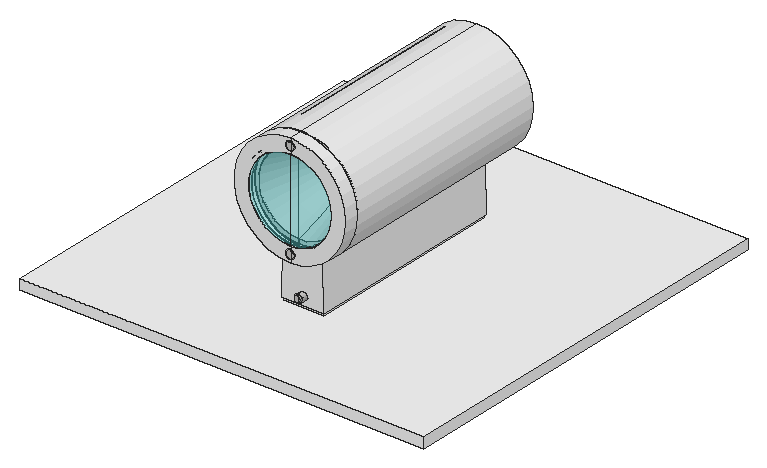
Revit family "BE_24034_de_DE", category Leuchten, Revit 2020
Family settings
  Basisbauteil = Fläche
  Bemaßung runder Anschluss = Durchmesser verwenden
  Teiletyp = Normal
  Beim Laden mit Abzugskörper schneiden = Ja
  Lichtquelle = Ja
  Gemeinsam genutzt = Nein
  Raumberechnungspunkt = Ja
Parameters (values of type "BEGA_24034_Weiß_K4")
  built-in parameter 1150104 = 14.279 (stored number, unit not read)
  Wattage = 12.1 W
  Default Elevation = 0 mm
  built-in parameter 1150113 = 1 (stored number, unit not read)
  built-in parameter 1114218 = 1 (stored number, unit not read)
  Umgebungstemperatur = "25 °C"
  URL = "https://www.bega.com/de/produkt/24034"
  Typenkommentare = "© 2022 BEGA. Wir behalten uns das Recht vor, technische Änderungen ohne vorherige Ankündigung vorzunehmen."  # constant formula
  Type Image = 24034.png
  built-in parameter 1150134 = 12
  built-in parameter 1150109 = 1 (stored number, unit not read)
  Strom = ""
  built-in parameter 1150110 = 1 (stored number, unit not read)
  Spannung = 239.996 V
  Sonderanfertigung = no
  Seriennummer [instance] = "Hier können Sie die eindeutige Seriennummer für das Facility Management eintragen."
  Schutzklasse = "I"
  Schutzart = "IP 65"
  Scheinlast = 0 VA
  Produktdatenblatt = "https://cdn.bega.com/bega/products/24034AK3/current/documents/data-sheets/de"
  Oberflächentemperatur = ""
  Neigungswinkel = 0.00°
  Modell = "24034WK4"
  Material_17 = BEGA_Reflektor
  Material_15 = BEGA_Leuchtmedium_matt
  Material_11 = BEGA_Glas_opal
  Material_09 = BEGA_Glas_klar
  Material_06 = BEGA_Oberfläche_Edelstahl_gebürstet
  Material_03 = BEGA_Oberfläche_Weiss_matt
  Material_02 = BEGA_Oberfläche_Silber_matt
  Material_01 [instance] = BEGA_Oberfläche_Grafit_matt
  M_W = yes
  M_G = no
  M_A = no
  Logo = 0
  built-in parameter 1114217 = 1 (stored number, unit not read)
  built-in parameter 1150139 = (empty or 0)
  built-in parameter 1150105 = 148 (stored number, unit not read)
  built-in parameter 1150114 = 1 (stored number, unit not read)
  Lumens = 1859.77 lm
  built-in parameter 1150115 = 1 (stored number, unit not read)
  Leuchtenlichtstrom = "1182 lm"
  Leuchtenanzahl = ""
  Lebensdauerkriterien = "L70B50 @ 25 °C = 180000 h"
  Lastklassifizierung = Beleuchtung
  built-in parameter 1150112 = 1 (stored number, unit not read)
  Lampenlichtstrom = "1860 lm"
  Lampe = "LED 12.1 W"
  LED_Modulbezeichnung = "LED-0813/840"
  Hersteller = "BEGA"  # constant formula
  Halbstreuwinkel = ""
  Gewicht = "1.95 kg"
  Gebrauchslageneinschränkung [instance] = ""
  Frequenz = "0/50-60 Hz"
  Farbwiedergabeindex = "CRI > 80"
  Farbtemperaturverschiebung bei Dämpfen der Lampe = <Keine Auswahl>
  Farbtemperatur = "4000 K"
  Color Filter = 16777215
  built-in parameter 1150133 = 10 (stored number, unit not read)
  Energieeffizienzklasse = "LED A++ - A"
  built-in parameter 1150137 = (empty or 0)
  built-in parameter 1150132 = (empty or 0)
  ENEC = "ja"
  Dimmbar [instance] = "DALI"
  Datei für fotometrisches Netz = "BE_24034K4.IES"
  CE_Konformität = "ja"
  Bestellnummer = "24034WK4"
  Beschreibung_Sonderanfertigung = "Hier können Sie Informationen zur Sonderanfertigung eintragen."
  Beschreibung = "Wandleuchte"
  built-in parameter 1150106 = 1.48 (stored number, unit not read)
  Befestigungsbohrung = "Ø 4,3 mm"
  Befestigungsabstand = "160 x 14 mm"
  Ballwurfsicher = ""
  BEGA_Intern_aus = yes
  BEGA_Intern_an = yes
  BEGA_Intern_Konstruktion = yes
  BEGA_Intern = yes
  BEGA_IES = yes
  BEGA_Dummy = no
  Anschlussleitung = ""
  Anschlussleistung [instance] = "14 W"
  Anschlusskasten = ""
  built-in parameter 1150107 = 4000 (stored number, unit not read)
  built-in parameter 1150102 = (empty or 0)
  built-in parameter 1150138 = (empty or 0)
  Aktualisierung = "2022-05-18T04:00:07"
  Abstand_zur_angestrahlten_Fläche [instance] = ""
  AC/DC = "AC/DC"
Types (6, lengths in mm): name | built-in parameter 1150104 | built-in parameter 1150134 | Modell | M_W | M_G | M_A | built-in parameter 1150105 | Lumens | Leuchtenlichtstrom | Lampenlichtstrom | LED_Modulbezeichnung | Farbtemperatur | Datei für fotometrisches Netz | Bestellnummer | built-in parameter 1150106 | built-in parameter 1150107
  BEGA_24034_Grafit_K3 | 13.359 (stored number, unit not read) | (empty or 0) | "24034K3" | no | yes | no | 138.46 (stored number, unit not read) | 1739.98 lm | "1106 lm" | "1740 lm" | "LED-0813/830" | "3000 K" | "BE_24034K3.IES" | "24034K3" | 1.3846 (stored number, unit not read) | 3000 (stored number, unit not read)
  BEGA_24034_Weiß_K3 | 13.359 (stored number, unit not read) | (empty or 0) | "24034WK3" | yes | no | no | 138.46 (stored number, unit not read) | 1739.98 lm | "1106 lm" | "1740 lm" | "LED-0813/830" | "3000 K" | "BE_24034K3.IES" | "24034WK3" | 1.3846 (stored number, unit not read) | 3000 (stored number, unit not read)
  BEGA_24034_Grafit_K4 | 14.279 (stored number, unit not read) | 12 | "24034K4" | no | yes | no | 148 (stored number, unit not read) | 1859.77 lm | "1182 lm" | "1860 lm" | "LED-0813/840" | "4000 K" | "BE_24034K4.IES" | "24034K4" | 1.48 (stored number, unit not read) | 4000 (stored number, unit not read)
  BEGA_24034_Silber_K4 | 14.279 (stored number, unit not read) | 12 | "24034AK4" | no | no | yes | 148 (stored number, unit not read) | 1859.77 lm | "1182 lm" | "1860 lm" | "LED-0813/840" | "4000 K" | "BE_24034K4.IES" | "24034AK4" | 1.48 (stored number, unit not read) | 4000 (stored number, unit not read)
  BEGA_24034_Weiß_K4 | 14.279 (stored number, unit not read) | 12 | "24034WK4" | yes | no | no | 148 (stored number, unit not read) | 1859.77 lm | "1182 lm" | "1860 lm" | "LED-0813/840" | "4000 K" | "BE_24034K4.IES" | "24034WK4" | 1.48 (stored number, unit not read) | 4000 (stored number, unit not read)
  BEGA_24034_Silber_K3 | 13.359 (stored number, unit not read) | (empty or 0) | "24034AK3" | no | no | yes | 138.46 (stored number, unit not read) | 1739.98 lm | "1106 lm" | "1740 lm" | "LED-0813/830" | "3000 K" | "BE_24034K3.IES" | "24034AK3" | 1.3846 (stored number, unit not read) | 3000 (stored number, unit not read)
Reference planes
  plane 1 "Mitte (Vorne/Hinten)": y = 0
  plane 2: z = 0
  plane 3 "Mitte (Links/Rechts)": x = 0
  plane 4 "Links": x = -55.254
  plane 5 "Rechts": x = 55.254
  plane 6 "Unten": y = -115.5
  plane 7 "Oben": y = 115.5
  plane 8 "Vorne": z = 157.75
  plane 9 "Hinten": z = 0
Forms (mm)
  Extrusion 1, solid, material "BEGA_Platte_Weiss"
    sketch origin (0, -1119.2, 0) x (1, 0, 0) y (0, 1, 0)
      loop
        line (-200, 1319.2) -> (-200, 919.2) -> (200, 919.2) -> (200, 1319.2) -> (-200, 1319.2)
    from 0 to -10
  Extrusion 2, solid, material "BEGA_Dummy_matt", visible <- "BEGA_Dummy"
    sketch origin (80.095, -76.023, 0) x (1, 0, 0) y (0, 1, 0)
      loop
        line (-135.35, 191.523) -> (-135.35, -39.477) -> (-24.841, -39.477) -> (-24.841, 191.523) -> (-135.35, 191.523)
    from 0 to 157.75
Dimensions and locks
  plane 1 "Mitte (Vorne/Hinten)" to Extrusion 1 = 200 mm
  aligned and locked: plane 2 to Extrusion 1
  aligned and locked: level to Extrusion 1
Nested families
  nested 1: "BE_24034" at (0, 0, 0) x (0, 1, 0) z (0, 0, 1), type "BE_24034"
Connectors
  electrical at (0, 0, 0), driven by "Lastklassifizierung", driven by "Spannung", driven by "Scheinlast"
    settings: index 1, voltage 239.996 V, apparent load 0 VA, apparent load phase1 0 VA, apparent load phase2 0 VA, apparent load phase3 0 VA, power factor 1, load classification "Beleuchtung", number of poles 1, system type 31, power factor state 1, is connector primary yes, connector utility no, sub classification motor no, connector description ""
Definition of nested family "BE_24034"
  Parameters (values of type "BE_24034")
    Default Elevation = 1 mm
    URL = "http://www.bega.de/de/produkt"
    Type Comments = "© 2015 BEGA. Wir behalten uns das Recht vor, technische Änderungen ohne vorherige Ankündigung vorzunehmen. "  # constant formula
    Type Image = (empty or 0)
    Material_17 = none
    Material_15 = none
    Material_11 = none
    Material_09 = none
    Material_06 = none
    Material_03 = none
    Material_02 = none
    Material_01 = none
    M_W = yes
    M_G = yes
    M_A = yes
    Länge_Platte = 300 mm  # constant formula
    Höhe_Platte = -10 mm  # constant formula
    Manufacturer = "BEGA"  # constant formula
    Breite_Platte = 200 mm  # constant formula
  Reference planes
    plane 1 "Mitte (Oben/Unten)": y = 0
    plane 2: z = 0
    plane 3 "Mitte (Links/Rechts)": x = 0
    plane 4 "Unten": y = -55.254
    plane 5: x = -115.5
    plane 6: x = 115.5
    plane 7: z = 157.75
    plane 8: y = 55.254
  Forms (mm)
    Extrusion 1, solid, detail levels medium
      sketch origin (0, 0, 0) x (1, 0, 0) y (0, 1, 0)
        loop
          line (-150, 100) -> (-150, -100) -> (150, -100) -> (150, 100) -> (-150, 100)
      from 0 to -10 <- "Höhe_Platte"
    Extrusion 2, solid, material <- "Material_01", visible <- "M_G", detail levels medium+fine
      sketch origin (0, 0, 0) x (0, 1, 0) y (0, 0, 1)
        loop
          line (-20, 48.5) -> (-20.803, 2.5) -> (-13.08, 2.5) -> (-13.221, 47.282)
          arc (-13.221, 47.282) -> (-15.2, 48.652) -> (-17.039, 50.206) r 25
          arc (-17.039, 50.206) -> (-17.509, 50.362) -> (-17.979, 50.521) r 55
          line (-17.979, 50.521) -> (-20, 48.5)
        loop
          line (20, 48.5) -> (17.979, 50.521)
          arc (17.979, 50.521) -> (17.509, 50.362) -> (17.039, 50.206) r 55
          arc (17.039, 50.206) -> (15.2, 48.652) -> (13.221, 47.282) r 25
          line (13.221, 47.282) -> (13.08, 2.5) -> (20.803, 2.5) -> (20, 48.5)
      from -100.001 to 100.024
    Extrusion 3, solid, material <- "Material_01", visible <- "M_G", detail levels medium+fine
      sketch origin (0, 0, 0) x (0, 1, 0) y (0, 0, 1)
        loop
          line (20.803, 2.5) -> (20, 48.5) -> (17.979, 50.521)
          arc (17.979, 50.521) -> (17.509, 50.362) -> (17.039, 50.206) r 55
          arc (17.039, 50.206) -> (9.34, 45.31) -> (0.397, 43.503) r 25
          arc (0.397, 43.503) -> (-8.971, 45.165) -> (-17.039, 50.206) r 25
          arc (-17.039, 50.206) -> (-17.509, 50.362) -> (-17.979, 50.521) r 55
          line (-17.979, 50.521) -> (-20, 48.5) -> (-20.803, 2.5) -> (20.803, 2.5)
      from 93.25 to 100.024
    Extrusion 4, solid, material <- "Material_01", visible <- "M_G", detail levels medium+fine
      sketch origin (0, 0, 0) x (0, 1, 0) y (0, 0, -1)
        loop
          line (20.803, -2.5) -> (-20.803, -2.5) -> (-20, -48.5) -> (-17.979, -50.521)
          arc (-17.979, -50.521) -> (-17.509, -50.362) -> (-17.039, -50.206) r 55
          arc (-17.039, -50.206) -> (-8.971, -45.165) -> (0.397, -43.503) r 25
          arc (0.397, -43.503) -> (9.34, -45.31) -> (17.039, -50.206) r 25
          arc (17.039, -50.206) -> (17.509, -50.362) -> (17.979, -50.521) r 55
          line (17.979, -50.521) -> (20, -48.5) -> (20.803, -2.5)
      from 93.25 to 100.001
    Sweep 5, solid, material <- "Material_01", visible <- "M_G", detail levels medium+fine
      path origin (0, 0, 0) x (1, 0, 0) y (0, 1, 0)
        loop
          line (100.024, -20.803) -> (100.024, 20.803) -> (-100.001, 20.803) -> (-100.001, -20.803) -> (100.024, -20.803)
      profile origin (100.024, 0, 0) x (-1, 0, 0) y (0, 0, 1)
        loop
          line (1.112, 2.5) -> (1.024, 0) -> (7.769, 0)
          arc (7.769, 0) -> (8.117, 5.75) -> (8.45, 11.5) r 2295.912
          line (8.45, 11.5) -> (12.295, 11.5) -> (12.295, 13.5) -> (6.407, 13.5) -> (6.022, 2.5) -> (1.112, 2.5)
    Extrusion 6, solid, material <- "Material_01", visible <- "M_G", detail levels medium+fine
      sketch origin (0, 0, 0) x (1, 0, 0) y (0, 1, 0)
        loop
          line (-87.706, 8.508) -> (-87.706, -8.508) -> (87.729, -8.508) -> (87.729, 8.508) -> (-87.706, 8.508)
      from 11.5 to 13.5
    Revolve 7, solid, material <- "Material_01", visible <- "M_G", detail levels medium+fine
      sketch origin (0, 0, 0) x (1, 0, 0) y (0, 0, 1)
        loop
          line (115.5, 157.5) -> (-101, 157.5) -> (-101, 155.25) -> (-104.543, 155.25) -> (-104.543, 142.724) -> (-101, 142.724) -> (-101, 145.035) -> (-92, 145.035) -> (-82.035, 155) -> (113.5, 155) -> (113.5, 102.5) -> (115.5, 102.5) -> (115.5, 157.5)
        axis (-104.543, 102.5) -> (115.5, 102.5)
      angle from 0 to 360
    Revolve 8, solid, material <- "Material_01", visible <- "M_G", detail levels medium+fine
      sketch origin (0, 0, 0) x (1, 0, 0) y (0, 0, 1)
        loop
          line (-102.5, 157.75) -> (-115.5, 157.75) -> (-115.5, 143.5) -> (-112.937, 143.5) -> (-112.937, 147.501) -> (-104.543, 147.501) -> (-104.543, 155.75) -> (-102.5, 155.75) -> (-102.5, 157.75)
        axis (-102.5, 102.5) -> (-115.5, 102.5)
      angle from 0 to 360
    Revolve 9, solid, material <- "Material_09", detail levels medium+fine
      sketch origin (0, 0, 0) x (1, 0, 0) y (0, 0, 1)
        loop
          line (-105.5, 145.75) -> (-111.25, 145.75) -> (-111.25, 144.2)
          arc (-111.25, 144.2) -> (-111.543, 143.493) -> (-112.25, 143.2) r 1
          line (-112.25, 143.2) -> (-115.5, 143.2) -> (-115.5, 102.5) -> (-105.5, 102.5) -> (-105.5, 145.75)
        axis (-115.5, 102.5) -> (-105.5, 102.5)
      angle from 0 to 360
    Revolve 10, solid, material <- "Material_17", detail levels medium+fine
      sketch origin (0, 0, 0) x (1, 0, 0) y (0, 0, 1)
        loop
          arc (-105.25, 141.49) -> (-79.924, 133.541) -> (-55.596, 122.92) r 246.943
          arc (-55.596, 122.92) -> (-50.393, 119.996) -> (-45.484, 116.601) r 64.148
          line (-45.484, 116.601) -> (-44.906, 110) -> (-44.022, 110) -> (-44.623, 116.869)
          arc (-44.623, 116.869) -> (-49.595, 120.322) -> (-54.871, 123.292) r 64.148
          arc (-54.871, 123.292) -> (-79.017, 133.845) -> (-104.149, 141.765) r 246.943
          line (-104.149, 141.765) -> (-104.149, 145.25) -> (-105.25, 145.25) -> (-105.25, 141.49)
        axis (-44.022, 102.5) -> (-105.25, 102.5)
      angle from 0 to 360
    Revolve 11, solid, material <- "Material_15", detail levels medium+fine
      sketch origin (0, 0, 0) x (1, 0, 0) y (0, 0, 1)
        loop
          line (-41.65, 109.6) -> (-41.65, 102.5) -> (-40.358, 102.5) -> (-40.358, 109.6) -> (-41.65, 109.6)
        axis (-41.65, 102.5) -> (-40.358, 102.5)
      angle from 0 to 360
    Revolve 12, solid, material <- "Material_06", detail levels fine
      sketch origin (0, 0, 0) x (1, 0, 0) y (0, 0, 1)
        loop
          line (-98.664, 14.95) -> (-105.231, 14.95) -> (-105.231, 14) -> (-106.731, 14) -> (-106.731, 11) -> (-98.664, 11) -> (-98.664, 14.95)
        axis (-106.731, 11) -> (-98.664, 11)
      angle from 0 to 360
    Sweep 13, solid, material <- "Material_02", visible <- "M_A", detail levels medium+fine
      path origin (0, 0, 0) x (1, 0, 0) y (0, 1, 0)
        loop
          line (100.024, -20.803) -> (100.024, 20.803) -> (-100.001, 20.803) -> (-100.001, -20.803) -> (100.024, -20.803)
      profile origin (100.024, 0, 0) x (-1, 0, 0) y (0, 0, 1)
        loop
          line (1.112, 2.5) -> (1.024, 0) -> (7.769, 0)
          arc (7.769, 0) -> (8.117, 5.75) -> (8.45, 11.5) r 2295.912
          line (8.45, 11.5) -> (12.295, 11.5) -> (12.295, 13.5) -> (6.407, 13.5) -> (6.022, 2.5) -> (1.112, 2.5)
    Extrusion 14, solid, material <- "Material_02", visible <- "M_A", detail levels medium+fine
      sketch origin (0, 0, 0) x (1, 0, 0) y (0, 1, 0)
        loop
          line (-87.706, 8.508) -> (-87.706, -8.508) -> (87.729, -8.508) -> (87.729, 8.508) -> (-87.706, 8.508)
      from 11.5 to 13.5
    Sweep 15, solid, material <- "Material_03", visible <- "M_W", detail levels medium+fine
      path origin (0, 0, 0) x (1, 0, 0) y (0, 1, 0)
        loop
          line (100.024, -20.803) -> (100.024, 20.803) -> (-100.001, 20.803) -> (-100.001, -20.803) -> (100.024, -20.803)
      profile origin (100.024, 0, 0) x (-1, 0, 0) y (0, 0, 1)
        loop
          line (1.112, 2.5) -> (1.024, 0) -> (7.769, 0)
          arc (7.769, 0) -> (8.117, 5.75) -> (8.45, 11.5) r 2295.912
          line (8.45, 11.5) -> (12.295, 11.5) -> (12.295, 13.5) -> (6.407, 13.5) -> (6.022, 2.5) -> (1.112, 2.5)
    Extrusion 16, solid, material <- "Material_03", visible <- "M_W", detail levels medium+fine
      sketch origin (0, 0, 0) x (1, 0, 0) y (0, 1, 0)
        loop
          line (-87.706, 8.508) -> (-87.706, -8.508) -> (87.729, -8.508) -> (87.729, 8.508) -> (-87.706, 8.508)
      from 11.5 to 13.5
    Extrusion 17, solid, material <- "Material_02", visible <- "M_A", detail levels medium+fine
      sketch origin (0, 0, 0) x (0, 1, 0) y (0, 0, 1)
        loop
          line (-20, 48.5) -> (-20.803, 2.5) -> (-13.08, 2.5) -> (-13.221, 47.282)
          arc (-13.221, 47.282) -> (-15.2, 48.652) -> (-17.039, 50.206) r 25
          arc (-17.039, 50.206) -> (-17.509, 50.362) -> (-17.979, 50.521) r 55
          line (-17.979, 50.521) -> (-20, 48.5)
        loop
          line (20, 48.5) -> (17.979, 50.521)
          arc (17.979, 50.521) -> (17.509, 50.362) -> (17.039, 50.206) r 55
          arc (17.039, 50.206) -> (15.2, 48.652) -> (13.221, 47.282) r 25
          line (13.221, 47.282) -> (13.08, 2.5) -> (20.803, 2.5) -> (20, 48.5)
      from -100.001 to 100.024
    Extrusion 18, solid, material <- "Material_02", visible <- "M_A", detail levels medium+fine
      sketch origin (0, 0, 0) x (0, 1, 0) y (0, 0, 1)
        loop
          line (20.803, 2.5) -> (20, 48.5) -> (17.979, 50.521)
          arc (17.979, 50.521) -> (17.509, 50.362) -> (17.039, 50.206) r 55
          arc (17.039, 50.206) -> (9.34, 45.31) -> (0.397, 43.503) r 25
          arc (0.397, 43.503) -> (-8.971, 45.165) -> (-17.039, 50.206) r 25
          arc (-17.039, 50.206) -> (-17.509, 50.362) -> (-17.979, 50.521) r 55
          line (-17.979, 50.521) -> (-20, 48.5) -> (-20.803, 2.5) -> (20.803, 2.5)
      from 93.25 to 100.024
    Extrusion 19, solid, material <- "Material_02", visible <- "M_A", detail levels medium+fine
      sketch origin (0, 0, 0) x (0, 1, 0) y (0, 0, -1)
        loop
          line (20.803, -2.5) -> (-20.803, -2.5) -> (-20, -48.5) -> (-17.979, -50.521)
          arc (-17.979, -50.521) -> (-17.509, -50.362) -> (-17.039, -50.206) r 55
          arc (-17.039, -50.206) -> (-8.971, -45.165) -> (0.397, -43.503) r 25
          arc (0.397, -43.503) -> (9.34, -45.31) -> (17.039, -50.206) r 25
          arc (17.039, -50.206) -> (17.509, -50.362) -> (17.979, -50.521) r 55
          line (17.979, -50.521) -> (20, -48.5) -> (20.803, -2.5)
      from 93.25 to 100.001
    Extrusion 20, solid, material <- "Material_03", visible <- "M_W", detail levels medium+fine
      sketch origin (0, 0, 0) x (0, 1, 0) y (0, 0, 1)
        loop
          line (-20, 48.5) -> (-20.803, 2.5) -> (-13.08, 2.5) -> (-13.221, 47.282)
          arc (-13.221, 47.282) -> (-15.2, 48.652) -> (-17.039, 50.206) r 25
          arc (-17.039, 50.206) -> (-17.509, 50.362) -> (-17.979, 50.521) r 55
          line (-17.979, 50.521) -> (-20, 48.5)
        loop
          line (20, 48.5) -> (17.979, 50.521)
          arc (17.979, 50.521) -> (17.509, 50.362) -> (17.039, 50.206) r 55
          arc (17.039, 50.206) -> (15.2, 48.652) -> (13.221, 47.282) r 25
          line (13.221, 47.282) -> (13.08, 2.5) -> (20.803, 2.5) -> (20, 48.5)
      from -100.001 to 100.024
    Extrusion 21, solid, material <- "Material_03", visible <- "M_W", detail levels medium+fine
      sketch origin (0, 0, 0) x (0, 1, 0) y (0, 0, 1)
        loop
          line (20.803, 2.5) -> (20, 48.5) -> (17.979, 50.521)
          arc (17.979, 50.521) -> (17.509, 50.362) -> (17.039, 50.206) r 55
          arc (17.039, 50.206) -> (9.34, 45.31) -> (0.397, 43.503) r 25
          arc (0.397, 43.503) -> (-8.971, 45.165) -> (-17.039, 50.206) r 25
          arc (-17.039, 50.206) -> (-17.509, 50.362) -> (-17.979, 50.521) r 55
          line (-17.979, 50.521) -> (-20, 48.5) -> (-20.803, 2.5) -> (20.803, 2.5)
      from 93.25 to 100.024
    Extrusion 22, solid, material <- "Material_03", visible <- "M_W", detail levels medium+fine
      sketch origin (0, 0, 0) x (0, 1, 0) y (0, 0, -1)
        loop
          line (20.803, -2.5) -> (-20.803, -2.5) -> (-20, -48.5) -> (-17.979, -50.521)
          arc (-17.979, -50.521) -> (-17.509, -50.362) -> (-17.039, -50.206) r 55
          arc (-17.039, -50.206) -> (-8.971, -45.165) -> (0.397, -43.503) r 25
          arc (0.397, -43.503) -> (9.34, -45.31) -> (17.039, -50.206) r 25
          arc (17.039, -50.206) -> (17.509, -50.362) -> (17.979, -50.521) r 55
          line (17.979, -50.521) -> (20, -48.5) -> (20.803, -2.5)
      from 93.25 to 100.001
    Revolve 23, solid, material <- "Material_02", visible <- "M_A", detail levels medium+fine
      sketch origin (0, 0, 0) x (1, 0, 0) y (0, 0, 1)
        loop
          line (115.5, 157.5) -> (-101, 157.5) -> (-101, 155.25) -> (-104.543, 155.25) -> (-104.543, 142.724) -> (-101, 142.724) -> (-101, 145.035) -> (-92, 145.035) -> (-82.035, 155) -> (113.5, 155) -> (113.5, 102.5) -> (115.5, 102.5) -> (115.5, 157.5)
        axis (-104.543, 102.5) -> (115.5, 102.5)
      angle from 0 to 360
    Revolve 24, solid, material <- "Material_02", visible <- "M_A", detail levels medium+fine
      sketch origin (0, 0, 0) x (1, 0, 0) y (0, 0, 1)
        loop
          line (-102.5, 157.75) -> (-115.5, 157.75) -> (-115.5, 143.5) -> (-112.937, 143.5) -> (-112.937, 147.501) -> (-104.543, 147.501) -> (-104.543, 155.75) -> (-102.5, 155.75) -> (-102.5, 157.75)
        axis (-102.5, 102.5) -> (-115.5, 102.5)
      angle from 0 to 360
    Revolve 25, solid, material <- "Material_03", visible <- "M_W", detail levels medium+fine
      sketch origin (0, 0, 0) x (1, 0, 0) y (0, 0, 1)
        loop
          line (115.5, 157.5) -> (-101, 157.5) -> (-101, 155.25) -> (-104.543, 155.25) -> (-104.543, 142.724) -> (-101, 142.724) -> (-101, 145.035) -> (-92, 145.035) -> (-82.035, 155) -> (113.5, 155) -> (113.5, 102.5) -> (115.5, 102.5) -> (115.5, 157.5)
        axis (-104.543, 102.5) -> (115.5, 102.5)
      angle from 0 to 360
    Revolve 26, solid, material <- "Material_03", visible <- "M_W", detail levels medium+fine
      sketch origin (0, 0, 0) x (1, 0, 0) y (0, 0, 1)
        loop
          line (-102.5, 157.75) -> (-115.5, 157.75) -> (-115.5, 143.5) -> (-112.937, 143.5) -> (-112.937, 147.501) -> (-104.543, 147.501) -> (-104.543, 155.75) -> (-102.5, 155.75) -> (-102.5, 157.75)
        axis (-102.5, 102.5) -> (-115.5, 102.5)
      angle from 0 to 360
    Revolve 27, void
      sketch origin (0, 0, 0) x (1, 0, 0) y (0, 0, 1)
        loop
          line (-113.129, 152.704) -> (-115.728, 155.303) -> (-115.728, 150.5) -> (-113.129, 150.5) -> (-113.129, 152.704)
        axis (-115.728, 150.5) -> (-113.129, 150.5)
      angle from 0 to 360
    Revolve 28, void
      sketch origin (0, 0, 205) x (1, 0, 0) y (0, 0, -1)
        loop
          line (-113.129, 152.704) -> (-115.728, 155.303) -> (-115.728, 150.5) -> (-113.129, 150.5) -> (-113.129, 152.704)
        axis (-115.728, 150.5) -> (-113.129, 150.5)
      angle from 0 to 360
    Revolve 29, solid, material <- "Material_06", detail levels fine
      sketch origin (0, 0, 0) x (1, 0, 0) y (0, 0, 1)
        loop
          line (-115.5, 154.505) -> (-115.5, 150.5) -> (-114.643, 150.5) -> (-114.643, 154.505) -> (-115.5, 154.505)
        axis (-115.5, 150.5) -> (-114.5, 150.5)
      angle from 0 to 360
    Revolve 30, solid, material <- "Material_06", detail levels fine
      sketch origin (0, 0, 205) x (1, 0, 0) y (0, 0, -1)
        loop
          line (-115.5, 154.505) -> (-115.5, 150.5) -> (-114.643, 150.5) -> (-114.643, 154.505) -> (-115.5, 154.505)
        axis (-115.5, 150.5) -> (-114.5, 150.5)
      angle from 0 to 360
    Extrusion 31, void
      sketch origin (0, 0, 0) x (1, 0, 0) y (0, 1, 0)
        loop
          circle (-80, 7) r 2.65
        loop
          circle (80, -7) r 2.65
        loop
          circle (24, 0) r 8.5
        loop
          circle (57, 0) r 8.5
      from 0 to 17
  Cuts and joins
    joined: Extrusion 2, Extrusion 3, Extrusion 4
    Extrusion 31 cuts Sweep 5
    Extrusion 31 cuts Extrusion 6
    joined: Sweep 5, Extrusion 6
    Extrusion 31 cuts Sweep 13
    Extrusion 31 cuts Extrusion 14
    joined: Sweep 13, Extrusion 14
    Extrusion 31 cuts Sweep 15
    Extrusion 31 cuts Extrusion 16
    joined: Sweep 15, Extrusion 16
    joined: Extrusion 17, Extrusion 18, Extrusion 19
    joined: Extrusion 20, Extrusion 21, Extrusion 22
    Revolve 27, Revolve 28 cuts Revolve 8
    Revolve 27, Revolve 28 cuts Revolve 24
    Revolve 27, Revolve 28 cuts Revolve 26
    Extrusion 31 cuts Revolve 7
    Extrusion 31 cuts Revolve 10
    Extrusion 31 cuts Revolve 23
    Extrusion 31 cuts Revolve 25
  Dimensions and locks
    equal spacing: Extrusion 1 sketch curve, plane 3 "Mitte (Links/Rechts)", Extrusion 1 sketch curve
    equal spacing: Extrusion 1 sketch curve, plane 1 "Mitte (Oben/Unten)", Extrusion 1 sketch curve
    "Länge_Platte": Extrusion 1 sketch curve to Extrusion 1 sketch curve
    "Breite_Platte": Extrusion 1 sketch curve to Extrusion 1 sketch curve
    aligned and locked: Extrusion 1 to plane 2
    aligned and locked: level to Extrusion 1
  Automatic sketch dimensions
    Extrusion 2 sketch curve to Extrusion 2 sketch curve = 0 mm  (x5)
    Extrusion 2 sketch curve to plane 1 "Mitte (Oben/Unten)" = 0 mm  (x2)
    level to Extrusion 2 sketch curve = 2.5 mm  (x2)
    plane 1 "Mitte (Oben/Unten)" to Extrusion 2 sketch curve = 13.08 mm
    plane 1 "Mitte (Oben/Unten)" to Extrusion 2 sketch curve = 13.221 mm
    Extrusion 2 sketch curve to Extrusion 2 sketch curve = 4.758 mm  (x2)
    Extrusion 2 sketch curve to Extrusion 2 sketch curve = 2.021 mm  (x4)
    Extrusion 2 sketch curve to Extrusion 2 sketch curve = 7.723 mm  (x2)
    Extrusion 2 sketch curve to plane 1 "Mitte (Oben/Unten)" = 13.08 mm
    Extrusion 2 sketch curve to plane 1 "Mitte (Oben/Unten)" = 13.221 mm
    Extrusion 2 sketch curve to Extrusion 2 sketch curve = 44.782 mm
    Extrusion 2 sketch curve to Extrusion 2 sketch curve = 1.218 mm  (x2)
    Extrusion 2 sketch curve to Extrusion 2 sketch curve = 21.218 mm
    Extrusion 2 sketch curve to Extrusion 2 sketch curve = 34 mm
    Extrusion 3 sketch curve to Extrusion 3 sketch curve = 0 mm  (x5)
    Extrusion 3 sketch curve to plane 1 "Mitte (Oben/Unten)" = 0 mm  (x2)
    plane 1 "Mitte (Oben/Unten)" to Extrusion 3 sketch curve = 17.979 mm
    Extrusion 3 sketch curve to Extrusion 3 sketch curve = 2.021 mm  (x4)
    level to Extrusion 3 sketch curve = 2.5 mm
    plane 1 "Mitte (Oben/Unten)" to Extrusion 3 sketch curve = 20.803 mm
    Extrusion 3 sketch curve to plane 1 "Mitte (Oben/Unten)" = 17.979 mm
    Extrusion 3 sketch curve to plane 1 "Mitte (Oben/Unten)" = 20.803 mm
    Extrusion 3 sketch curve to Extrusion 3 sketch curve = 46 mm
    Extrusion 3 sketch curve to Extrusion 3 sketch curve = 17.979 mm
    Extrusion 3 sketch curve to Extrusion 3 sketch curve = 34 mm
    Extrusion 3 sketch curve to Extrusion 3 sketch curve = 0.94 mm
    Extrusion 3 sketch curve to plane 1 "Mitte (Oben/Unten)" = 0.397 mm
    Extrusion 4 sketch curve to Extrusion 4 sketch curve = 0 mm  (x5)
    Extrusion 4 sketch curve to plane 1 "Mitte (Oben/Unten)" = 0 mm  (x2)
    plane 1 "Mitte (Oben/Unten)" to Extrusion 4 sketch curve = 17.979 mm
    Extrusion 4 sketch curve to Extrusion 4 sketch curve = 2.021 mm  (x4)
    level to Extrusion 4 sketch curve = 2.5 mm
    plane 1 "Mitte (Oben/Unten)" to Extrusion 4 sketch curve = 20.803 mm
    Extrusion 4 sketch curve to plane 1 "Mitte (Oben/Unten)" = 17.979 mm
    Extrusion 4 sketch curve to plane 1 "Mitte (Oben/Unten)" = 20.803 mm
    Extrusion 4 sketch curve to Extrusion 4 sketch curve = 46 mm
    Extrusion 4 sketch curve to Extrusion 4 sketch curve = 17.979 mm
    Extrusion 4 sketch curve to Extrusion 4 sketch curve = 34 mm
    Extrusion 4 sketch curve to Extrusion 4 sketch curve = 0.94 mm
    Extrusion 4 sketch curve to plane 1 "Mitte (Oben/Unten)" = 0.397 mm
    Sweep 5 sketch curve to plane 1 "Mitte (Oben/Unten)" = 20.803 mm
    plane 1 "Mitte (Oben/Unten)" to Sweep 5 sketch curve = 20.803 mm
    Sweep 5 sketch curve to level = 0 mm
    level to Sweep 5 sketch curve = 141.39 mm
    profile plane to Sweep 5 sketch curve = 2283.785 mm
    Sweep 5 sketch curve to profile plane = 1.024 mm
    Sweep 5 sketch curve to profile plane = 1.112 mm
    level to Sweep 5 sketch curve = 2.5 mm
    Sweep 5 sketch curve to Sweep 5 sketch curve = 4.911 mm
    Sweep 5 sketch curve to profile plane = 6.407 mm
    Sweep 5 sketch curve to Sweep 5 sketch curve = 1.747 mm
    Sweep 5 sketch curve to Sweep 5 sketch curve = 2.043 mm
    Sweep 5 sketch curve to Sweep 5 sketch curve = 3.845 mm
    Sweep 5 sketch curve to Sweep 5 sketch curve = 2 mm
    plane 1 "Mitte (Oben/Unten)" to Extrusion 6 sketch curve = 8.508 mm
    Extrusion 6 sketch curve to plane 3 "Mitte (Links/Rechts)" = 87.706 mm
    plane 3 "Mitte (Links/Rechts)" to Extrusion 6 sketch curve = 87.729 mm
    Extrusion 6 sketch curve to plane 1 "Mitte (Oben/Unten)" = 8.508 mm
    Revolve 7 sketch curve to plane 3 "Mitte (Links/Rechts)" = 0 mm
    Revolve 7 sketch curve to plane 3 "Mitte (Links/Rechts)" = 82.035 mm
    Revolve 7 sketch curve to Revolve 7 sketch curve = 9.965 mm  (x2)
    Revolve 7 sketch curve to Revolve 7 sketch curve = 9 mm  (x2)
    Revolve 7 sketch curve to Revolve 7 sketch curve = 3.543 mm
    Revolve 7 sketch curve to Revolve 7 sketch curve = 2 mm
    Revolve 7 sketch curve to Revolve 7 sketch curve = 2.311 mm
    Revolve 7 sketch curve to Revolve 7 sketch curve = 10.215 mm
    Revolve 7 sketch curve to Revolve 7 sketch curve = 2.5 mm
    plane 3 "Mitte (Links/Rechts)" to Revolve 7 sketch curve = 30 mm
    Revolve 7 sketch curve to Revolve 7 sketch curve = 52.5 mm
    Revolve 8 sketch curve to Revolve 8 sketch curve = 2.563 mm
    Revolve 8 sketch curve to Revolve 8 sketch curve = 10.957 mm
    Revolve 8 sketch curve to Revolve 8 sketch curve = 2.043 mm
    Revolve 8 sketch curve to Revolve 8 sketch curve = 4.001 mm
    Revolve 8 sketch curve to Revolve 8 sketch curve = 8.249 mm
    Revolve 8 sketch curve to Revolve 8 sketch curve = 10.249 mm
    Revolve 8 sketch curve to Revolve 8 sketch curve = 1.576 mm
    Revolve 8 sketch curve to Revolve 8 sketch curve = 22.907 mm
    Revolve 8 sketch curve to Revolve 8 sketch curve = 41 mm
    Revolve 9 sketch curve to Revolve 9 sketch curve = 3.25 mm
    Revolve 9 sketch curve to Revolve 9 sketch curve = 1 mm
    Revolve 9 sketch curve to Revolve 9 sketch curve = 10 mm
    Revolve 9 sketch curve to Revolve 9 sketch curve = 40.7 mm
    Revolve 9 sketch curve to Revolve 9 sketch curve = 1.55 mm
    Revolve 9 sketch curve to Revolve 9 sketch curve = 0 mm  (x3)
    Revolve 10 sketch curve to Revolve 10 sketch curve = 0.725 mm  (x2)
    Revolve 10 sketch curve to Revolve 10 sketch curve = 1.101 mm
    Revolve 10 sketch curve to Revolve 10 sketch curve = 19.763 mm
    Revolve 10 sketch curve to plane 3 "Mitte (Links/Rechts)" = 45.484 mm
    Revolve 10 sketch curve to Revolve 10 sketch curve = 0.577 mm
    Revolve 10 sketch curve to Revolve 10 sketch curve = 0.861 mm
    Revolve 10 sketch curve to Revolve 10 sketch curve = 0.884 mm
    Revolve 10 sketch curve to Revolve 10 sketch curve = 0.371 mm  (x2)
    level to Revolve 10 sketch curve = 65.596 mm
    Revolve 10 sketch curve to Revolve 10 sketch curve = 44.033 mm
    Revolve 10 sketch curve to Revolve 10 sketch curve = 6.601 mm
    Revolve 10 sketch curve to Revolve 10 sketch curve = 0.268 mm
    Revolve 10 sketch curve to Revolve 10 sketch curve = 18.57 mm
    Revolve 10 sketch curve to Revolve 10 sketch curve = 0.275 mm
    Revolve 10 sketch curve to Revolve 10 sketch curve = 3.485 mm
    Revolve 10 sketch curve to Revolve 10 sketch curve = 13.637 mm
    Revolve 10 sketch curve to Revolve 10 sketch curve = 1.812 mm
    Revolve 10 sketch curve to Revolve 10 sketch curve = 38.99 mm
    Revolve 11 sketch curve to plane 3 "Mitte (Links/Rechts)" = 41.65 mm
    Revolve 11 sketch curve to Revolve 11 sketch curve = 1.292 mm
    Revolve 11 sketch curve to Revolve 11 sketch curve = 7.1 mm
    Revolve 11 sketch curve to Revolve 11 sketch curve = 0 mm  (x2)
    Revolve 11 sketch curve to Revolve 11 sketch curve = 0.882 mm
    level to Revolve 12 sketch curve = 14 mm
    Revolve 12 sketch curve to Revolve 12 sketch curve = 1.5 mm
    Revolve 12 sketch curve to Revolve 12 sketch curve = 6.567 mm
    Revolve 12 sketch curve to Revolve 12 sketch curve = 3 mm
    Revolve 12 sketch curve to Revolve 12 sketch curve = 0.95 mm
    Revolve 12 sketch curve to Revolve 12 sketch curve = 0 mm  (x3)
    Sweep 13 sketch curve to plane 1 "Mitte (Oben/Unten)" = 20.803 mm
    plane 1 "Mitte (Oben/Unten)" to Sweep 13 sketch curve = 20.803 mm
    Sweep 13 sketch curve to level = 0 mm
    level to Sweep 13 sketch curve = 141.39 mm
    profile plane to Sweep 13 sketch curve = 2283.785 mm
    Sweep 13 sketch curve to profile plane = 1.024 mm
    Sweep 13 sketch curve to profile plane = 1.112 mm
    level to Sweep 13 sketch curve = 2.5 mm
    Sweep 13 sketch curve to Sweep 13 sketch curve = 4.911 mm
    Sweep 13 sketch curve to profile plane = 6.407 mm
    Sweep 13 sketch curve to Sweep 13 sketch curve = 1.747 mm
    Sweep 13 sketch curve to Sweep 13 sketch curve = 2.043 mm
    Sweep 13 sketch curve to Sweep 13 sketch curve = 3.845 mm
    Sweep 13 sketch curve to Sweep 13 sketch curve = 2 mm
    plane 1 "Mitte (Oben/Unten)" to Extrusion 14 sketch curve = 8.508 mm
    Extrusion 14 sketch curve to plane 3 "Mitte (Links/Rechts)" = 87.706 mm
    plane 3 "Mitte (Links/Rechts)" to Extrusion 14 sketch curve = 87.729 mm
    Extrusion 14 sketch curve to plane 1 "Mitte (Oben/Unten)" = 8.508 mm
    Sweep 15 sketch curve to plane 1 "Mitte (Oben/Unten)" = 20.803 mm
    plane 1 "Mitte (Oben/Unten)" to Sweep 15 sketch curve = 20.803 mm
    Sweep 15 sketch curve to level = 0 mm
    level to Sweep 15 sketch curve = 141.39 mm
    profile plane to Sweep 15 sketch curve = 2283.785 mm
    Sweep 15 sketch curve to profile plane = 1.024 mm
    Sweep 15 sketch curve to profile plane = 1.112 mm
    level to Sweep 15 sketch curve = 2.5 mm
    Sweep 15 sketch curve to Sweep 15 sketch curve = 4.911 mm
    Sweep 15 sketch curve to profile plane = 6.407 mm
    Sweep 15 sketch curve to Sweep 15 sketch curve = 1.747 mm
    Sweep 15 sketch curve to Sweep 15 sketch curve = 2.043 mm
    Sweep 15 sketch curve to Sweep 15 sketch curve = 3.845 mm
    Sweep 15 sketch curve to Sweep 15 sketch curve = 2 mm
    plane 1 "Mitte (Oben/Unten)" to Extrusion 16 sketch curve = 8.508 mm
    Extrusion 16 sketch curve to plane 3 "Mitte (Links/Rechts)" = 87.706 mm
    plane 3 "Mitte (Links/Rechts)" to Extrusion 16 sketch curve = 87.729 mm
    Extrusion 16 sketch curve to plane 1 "Mitte (Oben/Unten)" = 8.508 mm
    Extrusion 17 sketch curve to Extrusion 17 sketch curve = 0 mm  (x5)
    Extrusion 17 sketch curve to plane 1 "Mitte (Oben/Unten)" = 0 mm  (x2)
    level to Extrusion 17 sketch curve = 2.5 mm  (x2)
    plane 1 "Mitte (Oben/Unten)" to Extrusion 17 sketch curve = 13.08 mm
    plane 1 "Mitte (Oben/Unten)" to Extrusion 17 sketch curve = 13.221 mm
    Extrusion 17 sketch curve to Extrusion 17 sketch curve = 4.758 mm  (x2)
    Extrusion 17 sketch curve to Extrusion 17 sketch curve = 2.021 mm  (x4)
    Extrusion 17 sketch curve to Extrusion 17 sketch curve = 7.723 mm  (x2)
    Extrusion 17 sketch curve to plane 1 "Mitte (Oben/Unten)" = 13.08 mm
    Extrusion 17 sketch curve to plane 1 "Mitte (Oben/Unten)" = 13.221 mm
    Extrusion 17 sketch curve to Extrusion 17 sketch curve = 44.782 mm
    Extrusion 17 sketch curve to Extrusion 17 sketch curve = 1.218 mm  (x2)
    Extrusion 17 sketch curve to Extrusion 17 sketch curve = 21.218 mm
    Extrusion 17 sketch curve to Extrusion 17 sketch curve = 34 mm
    Extrusion 18 sketch curve to Extrusion 18 sketch curve = 0 mm  (x5)
    Extrusion 18 sketch curve to plane 1 "Mitte (Oben/Unten)" = 0 mm  (x2)
    plane 1 "Mitte (Oben/Unten)" to Extrusion 18 sketch curve = 17.979 mm
    Extrusion 18 sketch curve to Extrusion 18 sketch curve = 2.021 mm  (x4)
    level to Extrusion 18 sketch curve = 2.5 mm
    plane 1 "Mitte (Oben/Unten)" to Extrusion 18 sketch curve = 20.803 mm
    Extrusion 18 sketch curve to plane 1 "Mitte (Oben/Unten)" = 17.979 mm
    Extrusion 18 sketch curve to plane 1 "Mitte (Oben/Unten)" = 20.803 mm
    Extrusion 18 sketch curve to Extrusion 18 sketch curve = 46 mm
    Extrusion 18 sketch curve to Extrusion 18 sketch curve = 17.979 mm
    Extrusion 18 sketch curve to Extrusion 18 sketch curve = 34 mm
    Extrusion 18 sketch curve to Extrusion 18 sketch curve = 0.94 mm
    Extrusion 18 sketch curve to plane 1 "Mitte (Oben/Unten)" = 0.397 mm
    Extrusion 19 sketch curve to Extrusion 19 sketch curve = 0 mm  (x5)
    Extrusion 19 sketch curve to plane 1 "Mitte (Oben/Unten)" = 0 mm  (x2)
    plane 1 "Mitte (Oben/Unten)" to Extrusion 19 sketch curve = 17.979 mm
    Extrusion 19 sketch curve to Extrusion 19 sketch curve = 2.021 mm  (x4)
    level to Extrusion 19 sketch curve = 2.5 mm
    plane 1 "Mitte (Oben/Unten)" to Extrusion 19 sketch curve = 20.803 mm
    Extrusion 19 sketch curve to plane 1 "Mitte (Oben/Unten)" = 17.979 mm
    Extrusion 19 sketch curve to plane 1 "Mitte (Oben/Unten)" = 20.803 mm
    Extrusion 19 sketch curve to Extrusion 19 sketch curve = 46 mm
    Extrusion 19 sketch curve to Extrusion 19 sketch curve = 17.979 mm
    Extrusion 19 sketch curve to Extrusion 19 sketch curve = 34 mm
    Extrusion 19 sketch curve to Extrusion 19 sketch curve = 0.94 mm
    Extrusion 19 sketch curve to plane 1 "Mitte (Oben/Unten)" = 0.397 mm
    Extrusion 20 sketch curve to Extrusion 20 sketch curve = 0 mm  (x5)
    Extrusion 20 sketch curve to plane 1 "Mitte (Oben/Unten)" = 0 mm  (x2)
    level to Extrusion 20 sketch curve = 2.5 mm  (x2)
    plane 1 "Mitte (Oben/Unten)" to Extrusion 20 sketch curve = 13.08 mm
    plane 1 "Mitte (Oben/Unten)" to Extrusion 20 sketch curve = 13.221 mm
    Extrusion 20 sketch curve to Extrusion 20 sketch curve = 4.758 mm  (x2)
    Extrusion 20 sketch curve to Extrusion 20 sketch curve = 2.021 mm  (x4)
    Extrusion 20 sketch curve to Extrusion 20 sketch curve = 7.723 mm  (x2)
    Extrusion 20 sketch curve to plane 1 "Mitte (Oben/Unten)" = 13.08 mm
    Extrusion 20 sketch curve to plane 1 "Mitte (Oben/Unten)" = 13.221 mm
    Extrusion 20 sketch curve to Extrusion 20 sketch curve = 44.782 mm
    Extrusion 20 sketch curve to Extrusion 20 sketch curve = 1.218 mm  (x2)
    Extrusion 20 sketch curve to Extrusion 20 sketch curve = 21.218 mm
    Extrusion 20 sketch curve to Extrusion 20 sketch curve = 34 mm
    Extrusion 21 sketch curve to Extrusion 21 sketch curve = 0 mm  (x5)
    Extrusion 21 sketch curve to plane 1 "Mitte (Oben/Unten)" = 0 mm  (x2)
    plane 1 "Mitte (Oben/Unten)" to Extrusion 21 sketch curve = 17.979 mm
    Extrusion 21 sketch curve to Extrusion 21 sketch curve = 2.021 mm  (x4)
    level to Extrusion 21 sketch curve = 2.5 mm
    plane 1 "Mitte (Oben/Unten)" to Extrusion 21 sketch curve = 20.803 mm
    Extrusion 21 sketch curve to plane 1 "Mitte (Oben/Unten)" = 17.979 mm
    Extrusion 21 sketch curve to plane 1 "Mitte (Oben/Unten)" = 20.803 mm
    Extrusion 21 sketch curve to Extrusion 21 sketch curve = 46 mm
    Extrusion 21 sketch curve to Extrusion 21 sketch curve = 17.979 mm
    Extrusion 21 sketch curve to Extrusion 21 sketch curve = 34 mm
    Extrusion 21 sketch curve to Extrusion 21 sketch curve = 0.94 mm
    Extrusion 21 sketch curve to plane 1 "Mitte (Oben/Unten)" = 0.397 mm
    Extrusion 22 sketch curve to Extrusion 22 sketch curve = 0 mm  (x5)
    Extrusion 22 sketch curve to plane 1 "Mitte (Oben/Unten)" = 0 mm  (x2)
    plane 1 "Mitte (Oben/Unten)" to Extrusion 22 sketch curve = 17.979 mm
    Extrusion 22 sketch curve to Extrusion 22 sketch curve = 2.021 mm  (x4)
    level to Extrusion 22 sketch curve = 2.5 mm
    plane 1 "Mitte (Oben/Unten)" to Extrusion 22 sketch curve = 20.803 mm
    Extrusion 22 sketch curve to plane 1 "Mitte (Oben/Unten)" = 17.979 mm
    Extrusion 22 sketch curve to plane 1 "Mitte (Oben/Unten)" = 20.803 mm
    Extrusion 22 sketch curve to Extrusion 22 sketch curve = 46 mm
    Extrusion 22 sketch curve to Extrusion 22 sketch curve = 17.979 mm
    Extrusion 22 sketch curve to Extrusion 22 sketch curve = 34 mm
    Extrusion 22 sketch curve to Extrusion 22 sketch curve = 0.94 mm
    Extrusion 22 sketch curve to plane 1 "Mitte (Oben/Unten)" = 0.397 mm
    Revolve 23 sketch curve to plane 3 "Mitte (Links/Rechts)" = 0 mm
    Revolve 23 sketch curve to plane 3 "Mitte (Links/Rechts)" = 82.035 mm
    Revolve 23 sketch curve to Revolve 23 sketch curve = 9.965 mm  (x2)
    Revolve 23 sketch curve to Revolve 23 sketch curve = 9 mm  (x2)
    Revolve 23 sketch curve to Revolve 23 sketch curve = 3.543 mm
    Revolve 23 sketch curve to Revolve 23 sketch curve = 2 mm
    Revolve 23 sketch curve to Revolve 23 sketch curve = 2.311 mm
    Revolve 23 sketch curve to Revolve 23 sketch curve = 10.215 mm
    Revolve 23 sketch curve to Revolve 23 sketch curve = 2.5 mm
    plane 3 "Mitte (Links/Rechts)" to Revolve 23 sketch curve = 30 mm
    Revolve 23 sketch curve to Revolve 23 sketch curve = 52.5 mm
    Revolve 24 sketch curve to Revolve 24 sketch curve = 2.563 mm
    Revolve 24 sketch curve to Revolve 24 sketch curve = 10.957 mm
    Revolve 24 sketch curve to Revolve 24 sketch curve = 2.043 mm
    Revolve 24 sketch curve to Revolve 24 sketch curve = 4.001 mm
    Revolve 24 sketch curve to Revolve 24 sketch curve = 8.249 mm
    Revolve 24 sketch curve to Revolve 24 sketch curve = 10.249 mm
    Revolve 24 sketch curve to Revolve 24 sketch curve = 1.576 mm
    Revolve 24 sketch curve to Revolve 24 sketch curve = 22.907 mm
    Revolve 24 sketch curve to Revolve 24 sketch curve = 41 mm
    Revolve 25 sketch curve to plane 3 "Mitte (Links/Rechts)" = 0 mm
    Revolve 25 sketch curve to plane 3 "Mitte (Links/Rechts)" = 82.035 mm
    Revolve 25 sketch curve to Revolve 25 sketch curve = 9.965 mm  (x2)
    Revolve 25 sketch curve to Revolve 25 sketch curve = 9 mm  (x2)
    Revolve 25 sketch curve to Revolve 25 sketch curve = 3.543 mm
    Revolve 25 sketch curve to Revolve 25 sketch curve = 2 mm
    Revolve 25 sketch curve to Revolve 25 sketch curve = 2.311 mm
    Revolve 25 sketch curve to Revolve 25 sketch curve = 10.215 mm
    Revolve 25 sketch curve to Revolve 25 sketch curve = 2.5 mm
    plane 3 "Mitte (Links/Rechts)" to Revolve 25 sketch curve = 30 mm
    Revolve 25 sketch curve to Revolve 25 sketch curve = 52.5 mm
    Revolve 26 sketch curve to Revolve 26 sketch curve = 2.563 mm
    Revolve 26 sketch curve to Revolve 26 sketch curve = 10.957 mm
    Revolve 26 sketch curve to Revolve 26 sketch curve = 2.043 mm
    Revolve 26 sketch curve to Revolve 26 sketch curve = 4.001 mm
    Revolve 26 sketch curve to Revolve 26 sketch curve = 8.249 mm
    Revolve 26 sketch curve to Revolve 26 sketch curve = 10.249 mm
    Revolve 26 sketch curve to Revolve 26 sketch curve = 1.576 mm
    Revolve 26 sketch curve to Revolve 26 sketch curve = 22.907 mm
    Revolve 26 sketch curve to Revolve 26 sketch curve = 41 mm
    Revolve 27 sketch curve to Revolve 27 sketch curve = 2.599 mm  (x2)
    Revolve 27 sketch curve to Revolve 27 sketch curve = 2.204 mm
    Revolve 27 sketch curve to Revolve 27 sketch curve = 0 mm  (x3)
    Revolve 28 sketch curve to Revolve 28 sketch curve = 2.599 mm  (x2)
    Revolve 28 sketch curve to level = 54.5 mm
    Revolve 28 sketch curve to Revolve 28 sketch curve = 2.204 mm
    Revolve 28 sketch curve to Revolve 28 sketch curve = 0 mm  (x3)
    Revolve 29 sketch curve to Revolve 29 sketch curve = 0.857 mm
    Revolve 29 sketch curve to Revolve 29 sketch curve = 4.005 mm
    Revolve 29 sketch curve to Revolve 29 sketch curve = 0.327 mm
    Revolve 29 sketch curve to Revolve 29 sketch curve = 1.064 mm
    Revolve 29 sketch curve to Revolve 29 sketch curve = 0 mm
    Revolve 30 sketch curve to Revolve 30 sketch curve = 0.857 mm
    Revolve 30 sketch curve to level = 54.5 mm
    Revolve 30 sketch curve to Revolve 30 sketch curve = 4.005 mm
    Revolve 30 sketch curve to Revolve 30 sketch curve = 0.327 mm
    Revolve 30 sketch curve to Revolve 30 sketch curve = 1.064 mm
    Revolve 30 sketch curve to Revolve 30 sketch curve = 0 mm
    plane 1 "Mitte (Oben/Unten)" to Extrusion 31 sketch curve = 0 mm  (x2)
    Extrusion 31 sketch curve to plane 1 "Mitte (Oben/Unten)" = 7 mm
    Extrusion 31 sketch curve to plane 3 "Mitte (Links/Rechts)" = 80 mm
    plane 3 "Mitte (Links/Rechts)" to Extrusion 31 sketch curve = 24 mm
    Extrusion 31 sketch curve to Extrusion 31 sketch curve = 33 mm
    plane 1 "Mitte (Oben/Unten)" to Extrusion 31 sketch curve = 7 mm
    Extrusion 31 sketch curve to Extrusion 31 sketch curve = 23 mm
    Sweep 5 sketch curve to plane 3 "Mitte (Links/Rechts)" = 100.001 mm
    Revolve 8 sketch curve to plane 3 "Mitte (Links/Rechts)" = 115.5 mm
    Revolve 9 sketch curve to plane 3 "Mitte (Links/Rechts)" = 115.5 mm
    Revolve 10 sketch curve to Revolve 10 sketch curve = 41.451 mm
    Revolve 10 sketch curve to plane 3 "Mitte (Links/Rechts)" = 165.699 mm
    Revolve 12 sketch curve to plane 3 "Mitte (Links/Rechts)" = 106.731 mm
    Sweep 13 sketch curve to plane 3 "Mitte (Links/Rechts)" = 100.001 mm
    Sweep 15 sketch curve to plane 3 "Mitte (Links/Rechts)" = 100.001 mm
    Revolve 24 sketch curve to plane 3 "Mitte (Links/Rechts)" = 115.5 mm
    Revolve 26 sketch curve to plane 3 "Mitte (Links/Rechts)" = 115.5 mm
    Revolve 27 sketch curve to plane 3 "Mitte (Links/Rechts)" = 115.728 mm
    plane 3 "Mitte (Links/Rechts)" to Revolve 28 sketch curve = 115.728 mm
    Revolve 29 sketch curve to plane 3 "Mitte (Links/Rechts)" = 115.5 mm
    plane 3 "Mitte (Links/Rechts)" to Revolve 30 sketch curve = 115.5 mm
    plane 3 "Mitte (Links/Rechts)" to Sweep 5 sketch curve = 100.024 mm
    Revolve 7 sketch curve to Revolve 7 sketch curve = 83.5 mm
    plane 3 "Mitte (Links/Rechts)" to Sweep 13 sketch curve = 100.024 mm
    plane 3 "Mitte (Links/Rechts)" to Sweep 15 sketch curve = 100.024 mm
    Revolve 23 sketch curve to Revolve 23 sketch curve = 83.5 mm
    Revolve 25 sketch curve to Revolve 25 sketch curve = 83.5 mm
    level to Revolve 7 sketch curve = 102.5 mm
    level to Revolve 7 sketch curve = 142.724 mm
    level to Revolve 8 sketch curve = 143.5 mm
    level to Revolve 9 sketch curve = 102.5 mm
    level to Revolve 11 sketch curve = 102.5 mm
    level to Revolve 23 sketch curve = 102.5 mm
    level to Revolve 23 sketch curve = 142.724 mm
    level to Revolve 24 sketch curve = 143.5 mm
    level to Revolve 25 sketch curve = 102.5 mm
    level to Revolve 25 sketch curve = 142.724 mm
    level to Revolve 26 sketch curve = 143.5 mm
    level to Revolve 27 sketch curve = 150.5 mm
    level to Revolve 29 sketch curve = 150.5 mm
    Revolve 10 sketch curve to level = 97.385 mm
    radius of Extrusion 31 sketch curve = 2.65 mm  (x2)
    radius of Extrusion 31 sketch curve = 8.5 mm  (x2)
